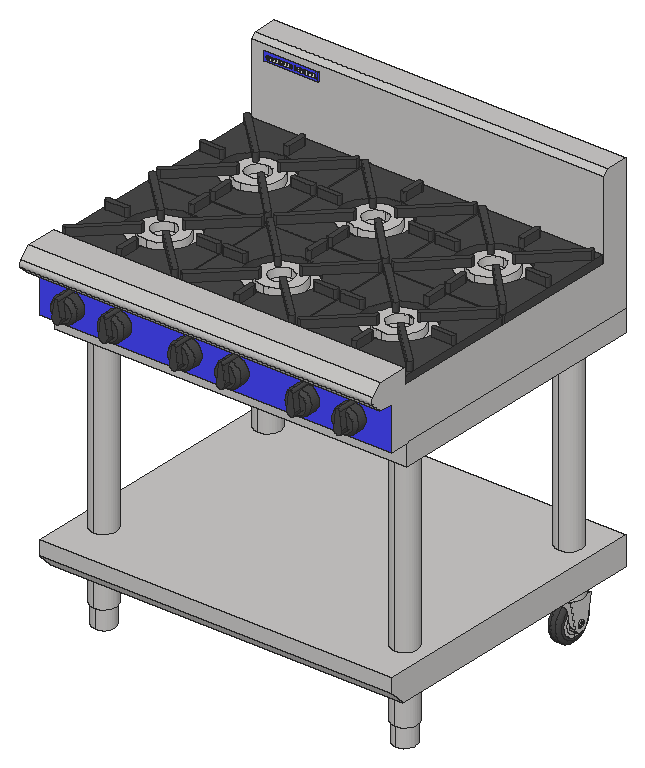
Revit family "QF_MOFFAT_BLUESEAL_CE_G516D-LS", category Specialty Equipment, Revit 2012
Parameters
  Width = 900 mm
  Weight in Pounds = 283  # constant formula
  URL Cutsheet = "www.moffat.com"
  URL = "www.moffat.com"
  Type Mark [instance] = ""
  Status [instance] = ""
  Specification by User [instance] = ""
  Specification by Manufacturer = ""
  Show Logo [instance] = yes
  Show Casters [instance] = yes
  Serial Number = ""
  Seismic Rating = ""
  SMACNA No = ""
  Revision Code [instance] = ""
  Omniclass Number and Title = ""
  NAFEM Spec ID Number = ""
  Model = "G516D-LS"
  Mechanical Remarks = ""
  Mechanical Connection Type = ""
  Masterspec = ""
  Manufacturer = "MOFFAT BLUESEAL"
  Legs [instance] = not(Show Casters)  # no
  Item Number [instance] = ""
  Installed By [instance] = ""
  Identify Quantity as Lot [instance] = yes
  Gas Size = 3/4"
  Gas RI Height = 0 mm
  Gas KW = 42
  Gas Input = 144500.0 Btu/h
  Gas Connection Height = 0 mm
  Furnished By [instance] = ""
  Foodservice Equipment Identifier [instance] = yes
  Description = "900MM GAS COOK TOP ON LEG STAND"
  Depth = 812 mm
  CSI MasterFormat = ""
  CSI Master Format = ""
  Base Height [instance] = 150 mm
Reference planes
  plane 1 "BACK": y = 0
  plane 2: z = 0
  plane 3 "LEFT": x = 0
  plane 4 "RIGHT": x = 900
  plane 5 "FRONT": y = -812
  plane 6 "TOP": z = 970
  plane 7 "Center Y": x = 450
  plane 8 "Center X": y = -406
  plane 9 "Base Height": z = 150
  plane 10: z = 915
  plane 11: x = 770
  plane 12: z = 1085
  plane 13: x = 65.354
  plane 14: y = -625
  plane 15: y = -100
  plane 16: x = 834.646
  plane 17: z = 655
Forms (mm)
  Extrusion 1, solid, material "QF_Finishes_Stainless Steel"
    sketch origin (0, 0, 0) x (0, 1, 0) y (0, 0, 1)
      loop
        line (-749, 850) -> (-749, 740) -> (0, 740) -> (0, 1085) -> (-57.5, 1085) -> (-70, 1072.5) -> (-70, 875) -> (-705, 875) -> (-705, 915) -> (-783.97, 915) -> (-808.485, 890.485)
        arc (-808.485, 890.485) -> (-811.999, 882) -> (-808.485, 873.515) r 12
        line (-808.485, 873.515) -> (-784.97, 850) -> (-749, 850)
      loop
        line (0, 685) -> (0, 739.5) -> (-699, 739.5) -> (-699, 685) -> (0, 685)
      loop
        line (0, 222.5) -> (-749, 222.5) -> (-749, 186) -> (-713, 150) -> (0, 150) -> (0, 222.5)
    from 0 to 900
  Revolve 2, solid, material "QF_Finishes_Black"
    sketch origin (90, 7, 600) x (0, 1, 0) y (0, 0, -1)
      loop
        line (-789, -229.5) -> (-766, -229.5) -> (-766, -202) -> (-756, -202) -> (-756, -197) -> (-800, -197) -> (-800, -223.651) -> (-789, -229.5)
      axis (-800, -197) -> (-756, -197)
    angle from 0 to 360
  Extrusion 3, solid, material "QF_Finishes_Black"
    sketch origin (90, -759, 797) x (0, 0, 1) y (1, 0, 0)
      loop
        arc (32.192, -4.965) -> (37.079, 0.034) -> (32.192, 5.033) r 5
        line (32.192, 5.033) -> (-10.726, 10.453)
        arc (-10.726, 10.453) -> (-22.392, 0.618) -> (-11.893, -10.454) r 10.487
        line (-11.893, -10.454) -> (32.192, -4.965)
    from 0 to -49
  Extrusion 4, solid, material "QF_Finishes_Stainless Steel"
    sketch origin (0, 0, 222.5) x (0, -1, 0) y (1, 0, 0)
      loop
        circle (100, 65) r 31.75
      loop
        circle (625, 65) r 31.75
      loop
        circle (100, 835) r 31.75
      loop
        circle (625, 835) r 31.75
    from 0 to 462.5
  Revolve 5, solid, material "QF_Finishes_Stainless Steel", visible <- "Legs"
    sketch origin (65.5, -166, 0) x (0, 1, 0) y (0, 0, 1)
      loop
        line (34.25, 150) -> (34.25, 50) -> (38.5, 50) -> (38.5, 0) -> (66, 0) -> (66, 150) -> (34.25, 150)
      axis (66, 150) -> (66, 0)
    angle from 0 to 360
  Revolve 6, solid, material "QF_Finishes_Stainless Steel"
    sketch origin (65.5, -735, 0) x (0, 1, 0) y (0, 0, 1)
      loop
        line (78.25, 150) -> (78.25, 50) -> (82.5, 50) -> (82.5, 0) -> (110, 0) -> (110, 150) -> (78.25, 150)
      axis (110, 150) -> (110, 0)
    angle from 0 to 360
  Revolve 7, solid, material "QF_Finishes_Stainless Steel", visible <- "Legs"
    sketch origin (834.646, -166, -0.354) x (0, 1, 0) y (0, 0, -1)
      loop
        line (34.25, -150) -> (66, -150) -> (66, -0.354) -> (38.5, -0.354) -> (38.5, -50) -> (34.25, -50) -> (34.25, -150)
      axis (66, -150) -> (66, -0.354)
    angle from 0 to 360
  Revolve 8, solid, material "QF_Finishes_Stainless Steel"
    sketch origin (834.646, -728, -0.354) x (0, 1, 0) y (0, 0, -1)
      loop
        line (71.25, -150) -> (103, -150) -> (103, -0.354) -> (75.5, -0.354) -> (75.5, -50) -> (71.25, -50) -> (71.25, -150)
      axis (103, -150) -> (103, -0.354)
    angle from 0 to 360
  Revolve 9, solid, material "QF_Finishes_Stainless Steel", visible <- "Show Casters"
    sketch origin (16.276, -100.755, -12.8) x (1, 0, 0) y (0, 0, 1)
      loop
        line (14.841, 63.604) -> (83.584, 63.604) -> (83.584, 67.109) -> (82.314, 68.379) -> (80.79, 68.379) -> (80.79, 71.826) -> (68.644, 71.826) -> (68.644, 81.79) -> (65.088, 83.843) -> (63.738, 92.179) -> (65.881, 92.179) -> (65.881, 98.529) -> (65.088, 98.529) -> (65.088, 104.879)
        arc (65.088, 104.879) -> (62.298, 111.614) -> (55.563, 114.404) r 9.525
        line (55.563, 114.404) -> (42.863, 114.404)
        arc (42.863, 114.404) -> (36.127, 111.614) -> (33.338, 104.879) r 9.525
        line (33.338, 104.879) -> (33.338, 98.529) -> (32.544, 98.529) -> (32.544, 92.179) -> (34.687, 92.179) -> (33.352, 83.932) -> (29.782, 81.871) -> (29.782, 71.826) -> (17.635, 71.826) -> (17.635, 68.379) -> (16.111, 68.379) -> (14.841, 67.109) -> (14.841, 63.604)
      axis (14.841, 63.604) -> (83.584, 63.604)
    angle from 0 to 360
  Extrusion 10, solid, material "QF_Finishes_Stainless Steel", visible <- "Show Casters"
    sketch origin (72.001, 132.353, -8.783) x (0, 1, 0) y (0, 0, 1)
      loop
        line (-200.603, 118.783) -> (-264.103, 118.783) -> (-251.746, 53.895)
        arc (-251.746, 53.895) -> (-232.353, 38.783) -> (-212.959, 53.895) r 20
        line (-212.959, 53.895) -> (-200.603, 118.783)
    from -35.667 to 22.923
  Revolve 11, solid, material "QF_Finishes_Stainless Steel", visible <- "Show Casters"
    sketch origin (65.5, -204, 0) x (0, 1, 0) y (0, 0, 1)
      loop
        line (68.25, 150) -> (68.25, 110) -> (104, 110) -> (104, 150) -> (68.25, 150)
      axis (104, 150) -> (104, 110)
    angle from 0 to 360
  Revolve 12, solid, material "QF_Finishes_Stainless Steel", visible <- "Legs"
    sketch origin (65.5, -166, 0) x (0, 1, 0) y (0, 0, 1)
      loop
        line (34.25, 150) -> (34.25, 50) -> (38.5, 50) -> (38.5, 0) -> (66, 0) -> (66, 150) -> (34.25, 150)
      axis (66, 150) -> (66, 0)
    angle from 0 to 360
  Revolve 13, solid, material "QF_Finishes_Stainless Steel", visible <- "Show Casters"
    sketch origin (485.423, -100.755, -12.798) x (1, 0, 0) y (0, 0, 1)
      loop
        line (314.841, 63.604) -> (383.584, 63.604) -> (383.584, 67.109) -> (382.314, 68.379) -> (380.79, 68.379) -> (380.79, 71.826) -> (368.644, 71.826) -> (368.644, 81.79) -> (365.088, 83.843) -> (363.738, 92.179) -> (365.881, 92.179) -> (365.881, 98.529) -> (365.088, 98.529) -> (365.088, 104.879)
        arc (365.088, 104.879) -> (362.298, 111.614) -> (355.563, 114.404) r 9.525
        line (355.563, 114.404) -> (342.863, 114.404)
        arc (342.863, 114.404) -> (336.127, 111.614) -> (333.338, 104.879) r 9.525
        line (333.338, 104.879) -> (333.338, 98.529) -> (332.544, 98.529) -> (332.544, 92.179) -> (334.687, 92.179) -> (333.352, 83.932) -> (329.782, 81.871) -> (329.782, 71.826) -> (317.635, 71.826) -> (317.635, 68.379) -> (316.111, 68.379) -> (314.841, 67.109) -> (314.841, 63.604)
      axis (314.841, 63.604) -> (383.584, 63.604)
    angle from 0 to 360
  Extrusion 14, solid, material "QF_Finishes_Stainless Steel", visible <- "Show Casters"
    sketch origin (841.147, 132.353, -9.137) x (0, 1, 0) y (0, 0, 1)
      loop
        line (-200.603, 118.783) -> (-264.103, 118.783) -> (-251.746, 53.895)
        arc (-251.746, 53.895) -> (-232.353, 38.783) -> (-212.959, 53.895) r 20
        line (-212.959, 53.895) -> (-200.603, 118.783)
    from -35.667 to 22.923
  Revolve 15, solid, material "QF_Finishes_Stainless Steel", visible <- "Show Casters"
    sketch origin (834.646, -204, -0.354) x (0, 1, 0) y (0, 0, 1)
      loop
        line (68.25, 150) -> (68.25, 110) -> (104, 110) -> (104, 150) -> (68.25, 150)
      axis (104, 150) -> (104, 110)
    angle from 0 to 360
  Extrusion 16, solid, material "QF_Finishes_Stainless Steel"
    sketch origin (0, 0, 685) x (-1, 0, 0) y (0, 1, 0)
      loop
        circle (-770, -32) r 6.35
    from 0 to 30
  Revolve 17, solid, material "QF_Finishes_Black"
    sketch origin (390, 7, 600) x (0, 1, 0) y (0, 0, -1)
      loop
        line (-789, -229.5) -> (-766, -229.5) -> (-766, -202) -> (-756, -202) -> (-756, -197) -> (-800, -197) -> (-800, -223.651) -> (-789, -229.5)
      axis (-800, -197) -> (-756, -197)
    angle from 0 to 360
  Extrusion 18, solid, material "QF_Finishes_Black"
    sketch origin (390, -759, 797) x (0, 0, 1) y (1, 0, 0)
      loop
        arc (32.192, -4.965) -> (37.079, 0.034) -> (32.192, 5.033) r 5
        line (32.192, 5.033) -> (-10.726, 10.453)
        arc (-10.726, 10.453) -> (-22.392, 0.618) -> (-11.893, -10.454) r 10.487
        line (-11.893, -10.454) -> (32.192, -4.965)
    from 0 to -49
  Revolve 19, solid, material "QF_Finishes_Black"
    sketch origin (690, 7, 600) x (0, 1, 0) y (0, 0, -1)
      loop
        line (-789, -229.5) -> (-766, -229.5) -> (-766, -202) -> (-756, -202) -> (-756, -197) -> (-800, -197) -> (-800, -223.651) -> (-789, -229.5)
      axis (-800, -197) -> (-756, -197)
    angle from 0 to 360
  Extrusion 20, solid, material "QF_Finishes_Black"
    sketch origin (690, -759, 797) x (0, 0, 1) y (1, 0, 0)
      loop
        arc (32.192, -4.965) -> (37.079, 0.034) -> (32.192, 5.033) r 5
        line (32.192, 5.033) -> (-10.726, 10.453)
        arc (-10.726, 10.453) -> (-22.392, 0.618) -> (-11.893, -10.454) r 10.487
        line (-11.893, -10.454) -> (32.192, -4.965)
    from 0 to -49
  Revolve 21, solid, material "QF_Finishes_Black"
    sketch origin (210, 7, 600) x (0, 1, 0) y (0, 0, -1)
      loop
        line (-789, -229.5) -> (-766, -229.5) -> (-766, -202) -> (-756, -202) -> (-756, -197) -> (-800, -197) -> (-800, -223.651) -> (-789, -229.5)
      axis (-800, -197) -> (-756, -197)
    angle from 0 to 360
  Extrusion 22, solid, material "QF_Finishes_Black"
    sketch origin (210, -759, 797) x (0, 0, 1) y (1, 0, 0)
      loop
        arc (32.192, -4.965) -> (37.079, 0.034) -> (32.192, 5.033) r 5
        line (32.192, 5.033) -> (-10.726, 10.453)
        arc (-10.726, 10.453) -> (-22.392, 0.618) -> (-11.893, -10.454) r 10.487
        line (-11.893, -10.454) -> (32.192, -4.965)
    from 0 to -49
  Revolve 23, solid, material "QF_Finishes_Black"
    sketch origin (510, 7, 600) x (0, 1, 0) y (0, 0, -1)
      loop
        line (-789, -229.5) -> (-766, -229.5) -> (-766, -202) -> (-756, -202) -> (-756, -197) -> (-800, -197) -> (-800, -223.651) -> (-789, -229.5)
      axis (-800, -197) -> (-756, -197)
    angle from 0 to 360
  Extrusion 24, solid, material "QF_Finishes_Black"
    sketch origin (510, -759, 797) x (0, 0, 1) y (1, 0, 0)
      loop
        arc (32.192, -4.965) -> (37.079, 0.034) -> (32.192, 5.033) r 5
        line (32.192, 5.033) -> (-10.726, 10.453)
        arc (-10.726, 10.453) -> (-22.392, 0.618) -> (-11.893, -10.454) r 10.487
        line (-11.893, -10.454) -> (32.192, -4.965)
    from 0 to -49
  Revolve 25, solid, material "QF_Finishes_Black"
    sketch origin (810, 7, 600) x (0, 1, 0) y (0, 0, -1)
      loop
        line (-789, -229.5) -> (-766, -229.5) -> (-766, -202) -> (-756, -202) -> (-756, -197) -> (-800, -197) -> (-800, -223.651) -> (-789, -229.5)
      axis (-800, -197) -> (-756, -197)
    angle from 0 to 360
  Extrusion 26, solid, material "QF_Finishes_Black"
    sketch origin (810, -759, 797) x (0, 0, 1) y (1, 0, 0)
      loop
        arc (32.192, -4.965) -> (37.079, 0.034) -> (32.192, 5.033) r 5
        line (32.192, 5.033) -> (-10.726, 10.453)
        arc (-10.726, 10.453) -> (-22.392, 0.618) -> (-11.893, -10.454) r 10.487
        line (-11.893, -10.454) -> (32.192, -4.965)
    from 0 to -49
Lines and regions (mm)
  Split face 1
    outline origin (0, -56.5, 1085) x (0, 1, 0) y (-1, 0, 0)
      loop
        line (11.115, -338.041) -> (11.115, -566)
        arc (11.115, -566) -> (16.115, -574.66) -> (26.115, -574.66) r 10
        line (26.115, -574.66) -> (33.115, -570.619)
        arc (33.115, -570.619) -> (36.775, -566.959) -> (38.115, -561.959) r 10
        line (38.115, -561.959) -> (38.115, -334)
        arc (38.115, -334) -> (33.115, -325.34) -> (23.115, -325.34) r 10
        line (23.115, -325.34) -> (16.115, -329.381)
        arc (16.115, -329.381) -> (12.455, -333.041) -> (11.115, -338.041) r 10
  Split face 2
    outline origin (0, -56.5, 1085) x (0, 1, 0) y (-1, 0, 0)
      loop
        line (38.115, -851.959) -> (38.115, -624)
        arc (38.115, -624) -> (33.115, -615.34) -> (23.115, -615.34) r 10
        line (23.115, -615.34) -> (16.115, -619.381)
        arc (16.115, -619.381) -> (12.455, -623.041) -> (11.115, -628.041) r 10
        line (11.115, -628.041) -> (11.115, -856)
        arc (11.115, -856) -> (16.115, -864.66) -> (26.115, -864.66) r 10
        line (26.115, -864.66) -> (33.115, -860.619)
        arc (33.115, -860.619) -> (36.775, -856.959) -> (38.115, -851.959) r 10
  Split face 3
    outline origin (0, -56.5, 1085) x (0, 1, 0) y (-1, 0, 0)
      loop
        line (11.115, -48.041) -> (11.115, -276)
        arc (11.115, -276) -> (16.115, -284.66) -> (26.115, -284.66) r 10
        line (26.115, -284.66) -> (33.115, -280.619)
        arc (33.115, -280.619) -> (36.775, -276.959) -> (38.115, -271.959) r 10
        line (38.115, -271.959) -> (38.115, -44)
        arc (38.115, -44) -> (33.115, -35.34) -> (23.115, -35.34) r 10
        line (23.115, -35.34) -> (16.115, -39.381)
        arc (16.115, -39.381) -> (12.455, -43.041) -> (11.115, -48.041) r 10
  symbolic lines, style "SpecialityEquipmentHiddenLines", visible <- "Show Casters"
    curve 1: line (78.456, -46.735, 0) -> (105.952, -62.61, 0)
    curve 2: line (27.656, -134.723, 0) -> (78.456, -46.735, 0)
    curve 3: line (55.152, -150.598, 0) -> (27.656, -134.723, 0)
    curve 4: line (105.952, -62.61, 0) -> (55.152, -150.598, 0)
    curve 5: line (848.456, -46.735, 0) -> (875.952, -62.61, 0)
    curve 6: line (797.656, -134.723, 0) -> (848.456, -46.735, 0)
    curve 7: line (825.152, -150.598, 0) -> (797.656, -134.723, 0)
    curve 8: line (875.952, -62.61, 0) -> (825.152, -150.598, 0)
  symbolic lines
    curve 9: line (0, -783.97, 0) -> (900, -783.97, 0)
    curve 10: line (0, 0, 0) -> (0, -811.999, 0)
    curve 11: line (900, -811.999, 0) -> (900, 0, 0)
    curve 12: line (900, -811.999, 0) -> (0, -811.999, 0)
    curve 13: line (0, -70, 0) -> (900, -70, 0)
    curve 14: line (0, -57.5, 0) -> (900, -57.5, 0)
    curve 15: line (900, 0, 0) -> (0, 0, 0)
    curve 16: line (561.959, -18.385, 0) -> (334, -18.385, 0)
    curve 17: arc (334, -18.385, 0) -> (325.34, -23.385, 0) -> (325.34, -33.385, 0) r 10
    curve 18: line (325.34, -33.385, 0) -> (329.381, -40.385, 0)
    curve 19: arc (329.381, -40.385, 0) -> (333.041, -44.045, 0) -> (338.041, -45.385, 0) r 10
    curve 20: line (338.041, -45.385, 0) -> (566, -45.385, 0)
    curve 21: arc (566, -45.385, 0) -> (574.66, -40.385, 0) -> (574.66, -30.385, 0) r 10
    curve 22: line (574.66, -30.385, 0) -> (570.619, -23.385, 0)
    curve 23: arc (570.619, -23.385, 0) -> (566.959, -19.725, 0) -> (561.959, -18.385, 0) r 10
    curve 24: line (851.959, -18.385, 0) -> (624, -18.385, 0)
    curve 25: arc (624, -18.385, 0) -> (615.34, -23.385, 0) -> (615.34, -33.385, 0) r 10
    curve 26: line (615.34, -33.385, 0) -> (619.381, -40.385, 0)
    curve 27: arc (619.381, -40.385, 0) -> (623.041, -44.045, 0) -> (628.041, -45.385, 0) r 10
    curve 28: line (628.041, -45.385, 0) -> (856, -45.385, 0)
    curve 29: arc (856, -45.385, 0) -> (864.66, -40.385, 0) -> (864.66, -30.385, 0) r 10
    curve 30: line (864.66, -30.385, 0) -> (860.619, -23.385, 0)
    curve 31: arc (860.619, -23.385, 0) -> (856.959, -19.725, 0) -> (851.959, -18.385, 0) r 10
    curve 32: line (271.959, -18.385, 0) -> (44, -18.385, 0)
    curve 33: arc (44, -18.385, 0) -> (35.34, -23.385, 0) -> (35.34, -33.385, 0) r 10
    curve 34: line (35.34, -33.385, 0) -> (39.381, -40.385, 0)
    curve 35: arc (39.381, -40.385, 0) -> (43.041, -44.045, 0) -> (48.041, -45.385, 0) r 10
    curve 36: line (48.041, -45.385, 0) -> (276, -45.385, 0)
    curve 37: arc (276, -45.385, 0) -> (284.66, -40.385, 0) -> (284.66, -30.385, 0) r 10
    curve 38: line (284.66, -30.385, 0) -> (280.619, -23.385, 0)
    curve 39: arc (280.619, -23.385, 0) -> (276.959, -19.725, 0) -> (271.959, -18.385, 0) r 10
    curve 40: line (0, -705, 0) -> (900, -705, 0)
Dimensions and locks
  equal spacing: plane 3 "LEFT", plane 7 "Center Y", plane 4 "RIGHT"
  "Width": plane 3 "LEFT" to plane 4 "RIGHT"
  equal spacing: plane 5 "FRONT", plane 8 "Center X", plane 1 "BACK"
  "Depth": plane 5 "FRONT" to plane 1 "BACK"
  equal spacing: plane 4 "RIGHT", plane 7 "Center Y", plane 3 "LEFT"
  plane 4 "RIGHT" to plane 3 "LEFT" = 900 mm
  plane 5 "FRONT" to plane 1 "BACK" = 812 mm
  "Base Height": plane 9 "Base Height" to level
  plane 6 "TOP" to level = 970 mm
  plane 10 to level = 915 mm
  plane 11 to plane 4 "RIGHT" = 130 mm
  plane 12 to plane 2 = 1085 mm
  Revolve 9 sketch curve to Revolve 9 sketch curve = 50.8 mm
  Revolve 13 sketch curve to Revolve 13 sketch curve = 50.8 mm
  plane 15 to plane 14 = 525 mm
  plane 17 to plane 2 = 655 mm
  Extrusion 16 sketch curve to plane 1 "BACK" = 32 mm
  aligned and locked: level to plane 2
Automatic sketch dimensions
  plane 1 "BACK" to curve 15 = 0 mm
  curve 15 to plane 3 "LEFT" = 0 mm
  curve 11 to plane 4 "RIGHT" = 0 mm
  plane 3 "LEFT" to curve 2 = 27.656 mm
  plane 13 to curve 34 = 30.014 mm
  curve 34 to curve 34 = 4.041 mm
  curve 33 to curve 33 = 8.66 mm
  curve 34 to curve 35 = 8.66 mm
  plane 13 to curve 3 = 10.202 mm
  curve 1 to plane 13 = 13.102 mm
  plane 1 "BACK" to curve 39 = 18.385 mm
  curve 1 to curve 39 = 166.007 mm
  curve 39 to curve 37 = 4.041 mm
  curve 32 to curve 39 = 8.66 mm
  plane 1 "BACK" to curve 38 = 30.385 mm
  curve 38 to curve 38 = 4.041 mm
  plane 1 "BACK" to curve 18 = 33.385 mm
  curve 38 to curve 18 = 40.679 mm
  curve 17 to curve 19 = 4.041 mm  (x2)
  curve 17 to curve 16 = 8.66 mm
  plane 1 "BACK" to curve 23 = 28.385 mm
  plane 7 "Center Y" to curve 23 = 111.959 mm
  curve 23 to curve 20 = 4.041 mm
  curve 16 to curve 23 = 8.66 mm
  curve 23 to curve 21 = 4.041 mm
  plane 1 "BACK" to curve 26 = 33.385 mm
  curve 22 to curve 26 = 40.679 mm
  curve 26 to curve 27 = 4.041 mm
  curve 25 to curve 24 = 8.66 mm
  curve 26 to curve 27 = 8.66 mm
  plane 11 to curve 6 = 27.656 mm
  curve 8 to plane 16 = 9.494 mm
  plane 16 to curve 6 = 13.809 mm
  plane 16 to curve 24 = 17.312 mm
  curve 5 to curve 28 = 7.544 mm
  curve 31 to curve 31 = 8.66 mm
  curve 31 to curve 29 = 4.041 mm
  curve 33 to curve 32 = 15 mm
  curve 27 to curve 25 = 2 mm
  curve 37 to curve 37 = 5 mm
  curve 35 to curve 33 = 7 mm
  plane 1 "BACK" to curve 29 = 35.385 mm
  curve 21 to curve 23 = 7 mm
  curve 19 to curve 17 = 2 mm
  curve 27 to curve 26 = 7 mm
  curve 18 to curve 17 = 7 mm
  curve 1 to curve 36 = 1.35 mm
  curve 6 to curve 28 = 1.35 mm
  curve 14 to plane 15 = 42.5 mm
  curve 5 to curve 14 = 5.11 mm
  curve 4 to curve 1 = 15.875 mm
  curve 13 to curve 14 = 12.5 mm
  plane 14 to curve 40 = 80 mm
  curve 9 to plane 5 "FRONT" = 28.03 mm
  curve 12 to plane 5 "FRONT" = 0.001 mm
  curve 27 to curve 25 = 7 mm
  curve 19 to curve 17 = 7 mm
  curve 29 to curve 31 = 7 mm
  curve 37 to curve 39 = 7 mm
  plane 10 to Extrusion 1 sketch curve = 0 mm
  Extrusion 1 sketch curve to plane 9 "Base Height" = 0 mm
  plane 12 to Extrusion 1 sketch curve = 0 mm
  Extrusion 1 sketch curve to plane 1 "BACK" = 0 mm  (x3)
  Extrusion 1 sketch curve to plane 15 = 42.5 mm
  plane 12 to Extrusion 1 sketch curve = 12.5 mm
  Extrusion 1 sketch curve to Extrusion 1 sketch curve = 12.5 mm
  plane 17 to Extrusion 1 sketch curve = 30 mm
  plane 14 to Extrusion 1 sketch curve = 74 mm
  plane 14 to Extrusion 1 sketch curve = 80 mm
  plane 14 to Extrusion 1 sketch curve = 88 mm
  Extrusion 1 sketch curve to Extrusion 1 sketch curve = 44 mm
  Extrusion 1 sketch curve to Extrusion 1 sketch curve = 36 mm
  Extrusion 1 sketch curve to plane 5 "FRONT" = 28.03 mm
  Extrusion 1 sketch curve to plane 5 "FRONT" = 27.03 mm
  Extrusion 1 sketch curve to plane 5 "FRONT" = 12.001 mm
  Extrusion 1 sketch curve to plane 5 "FRONT" = 3.515 mm  (x2)
  plane 9 "Base Height" to Extrusion 1 sketch curve = 36 mm
  plane 9 "Base Height" to Extrusion 1 sketch curve = 72.5 mm
  Extrusion 1 sketch curve to Extrusion 1 sketch curve = 54.5 mm
  Extrusion 1 sketch curve to Extrusion 1 sketch curve = 0.5 mm
  plane 10 to Extrusion 1 sketch curve = 65 mm
  Extrusion 1 sketch curve to Extrusion 1 sketch curve = 23.515 mm
  plane 10 to Extrusion 1 sketch curve = 40 mm
  Extrusion 1 sketch curve to Extrusion 1 sketch curve = 8.485 mm
  Revolve 2 sketch curve to plane 5 "FRONT" = 19 mm
  Revolve 2 sketch curve to Revolve 2 sketch curve = 0 mm  (x2)
  Revolve 2 sketch curve to Revolve 2 sketch curve = 11 mm
  Revolve 2 sketch curve to Revolve 2 sketch curve = 12.7 mm
  Revolve 2 sketch curve to Revolve 2 sketch curve = 23 mm
  Revolve 2 sketch curve to Revolve 2 sketch curve = 10 mm
  plane 10 to Revolve 2 sketch curve = 85.5 mm
  Revolve 2 sketch curve to Revolve 2 sketch curve = 5.849 mm
  Revolve 2 sketch curve to Revolve 2 sketch curve = 27.5 mm
  Revolve 2 sketch curve to Revolve 2 sketch curve = 5 mm
  Extrusion 3 sketch curve to Revolve 2 = 0.034 mm  (x2)
  Revolve 2 to Extrusion 3 sketch curve = 10.454 mm
  Extrusion 3 sketch curve to Extrusion 3 sketch curve = 0.028 mm
  Extrusion 3 sketch curve to Revolve 2 = 10.453 mm
  Extrusion 3 sketch curve to Extrusion 3 sketch curve = 44 mm
  Extrusion 3 sketch curve to Revolve 2 = 5.033 mm
  Extrusion 3 sketch curve to Extrusion 3 sketch curve = 0.113 mm
  Revolve 2 to Extrusion 3 sketch curve = 4.965 mm
  Extrusion 4 sketch curve to Extrusion 4 sketch curve = 0 mm  (x8)
  Extrusion 1 to Extrusion 4 sketch curve = 68.25 mm  (x2)
  Extrusion 4 sketch curve to Extrusion 4 sketch curve = 31.75 mm  (x4)
  Extrusion 4 sketch curve to Extrusion 1 = 155.75 mm  (x2)
  Extrusion 1 to Extrusion 4 sketch curve = 65 mm  (x4)
  Revolve 5 sketch curve to plane 9 "Base Height" = 0 mm
  Revolve 5 sketch curve to level = 0 mm
  Revolve 5 sketch curve to plane 15 = 0 mm  (x2)
  plane 15 to Revolve 5 sketch curve = 27.5 mm
  plane 15 to Revolve 5 sketch curve = 31.75 mm
  Revolve 5 sketch curve to Revolve 5 sketch curve = 55 mm
  level to Revolve 5 sketch curve = 50 mm
  Revolve 5 sketch curve to Revolve 5 sketch curve = 0 mm
  Revolve 6 sketch curve to plane 9 "Base Height" = 0 mm
  Revolve 6 sketch curve to level = 0 mm
  Revolve 6 sketch curve to plane 14 = 0 mm  (x2)
  Revolve 6 sketch curve to Revolve 6 sketch curve = 27.5 mm
  Revolve 6 sketch curve to Revolve 6 sketch curve = 31.75 mm
  Revolve 6 sketch curve to Revolve 6 sketch curve = 55 mm
  level to Revolve 6 sketch curve = 50 mm
  Revolve 6 sketch curve to Revolve 6 sketch curve = 0 mm
  Revolve 7 sketch curve to level = 0 mm
  Revolve 7 sketch curve to plane 15 = 0 mm  (x2)
  plane 15 to Revolve 7 sketch curve = 27.5 mm
  Revolve 7 sketch curve to plane 9 "Base Height" = 0.354 mm
  plane 15 to Revolve 7 sketch curve = 31.75 mm
  level to Revolve 7 sketch curve = 49.646 mm
  Revolve 7 sketch curve to Revolve 7 sketch curve = 0 mm
  Revolve 7 sketch curve to level = 55.354 mm
  Revolve 8 sketch curve to level = 0 mm
  Revolve 8 sketch curve to plane 14 = 0 mm  (x2)
  Revolve 8 sketch curve to Revolve 8 sketch curve = 27.5 mm
  Revolve 8 sketch curve to plane 9 "Base Height" = 0.354 mm
  plane 14 to Revolve 8 sketch curve = 31.75 mm
  level to Revolve 8 sketch curve = 49.646 mm
  Revolve 8 sketch curve to Revolve 8 sketch curve = 0 mm
  Revolve 8 sketch curve to Revolve 8 sketch curve = 55.354 mm
  plane 3 "LEFT" to Revolve 9 sketch curve = 31.118 mm
  Revolve 9 sketch curve to Revolve 9 sketch curve = 1.27 mm  (x4)
  Revolve 9 sketch curve to Revolve 9 sketch curve = 1.524 mm  (x2)
  Revolve 9 sketch curve to Revolve 9 sketch curve = 12.146 mm  (x2)
  plane 13 to Revolve 9 sketch curve = 16.533 mm
  Revolve 9 sketch curve to Revolve 9 sketch curve = 0.794 mm  (x2)
  Revolve 9 sketch curve to Revolve 9 sketch curve = 3.57 mm
  Revolve 9 sketch curve to Revolve 9 sketch curve = 2.143 mm
  plane 13 to Revolve 9 sketch curve = 6.215 mm
  Revolve 9 sketch curve to plane 13 = 5.276 mm
  Revolve 9 sketch curve to plane 13 = 6.485 mm
  Revolve 9 sketch curve to plane 13 = 14.661 mm
  Revolve 9 sketch curve to Revolve 9 sketch curve = 1.349 mm  (x2)
  Revolve 9 sketch curve to Revolve 9 sketch curve = 3.556 mm
  Revolve 9 sketch curve to Revolve 9 sketch curve = 33.32 mm
  level to Revolve 9 sketch curve = 50.804 mm
  Revolve 9 sketch curve to Revolve 9 sketch curve = 0 mm
  Revolve 9 sketch curve to Revolve 9 sketch curve = 3.505 mm  (x2)
  Revolve 9 sketch curve to Revolve 9 sketch curve = 3.447 mm  (x2)
  Revolve 9 sketch curve to Revolve 9 sketch curve = 9.964 mm
  Revolve 9 sketch curve to Revolve 9 sketch curve = 10.045 mm
  Revolve 9 sketch curve to Revolve 9 sketch curve = 2.053 mm
  Revolve 9 sketch curve to Revolve 9 sketch curve = 2.061 mm
  Revolve 9 sketch curve to Revolve 9 sketch curve = 8.247 mm
  Revolve 9 sketch curve to Revolve 9 sketch curve = 8.336 mm
  Revolve 9 sketch curve to Revolve 9 sketch curve = 6.35 mm  (x2)
  Extrusion 10 sketch curve to plane 15 = 0 mm
  plane 15 to Extrusion 10 sketch curve = 19.393 mm
  plane 15 to Extrusion 10 sketch curve = 31.75 mm
  Extrusion 10 sketch curve to plane 15 = 19.393 mm
  Extrusion 10 sketch curve to plane 15 = 31.75 mm
  level to Extrusion 10 sketch curve = 45.111 mm
  Extrusion 10 sketch curve to Extrusion 10 sketch curve = 4.889 mm
  Extrusion 10 sketch curve to plane 9 "Base Height" = 40 mm
  Revolve 11 sketch curve to plane 9 "Base Height" = 0 mm
  Revolve 11 sketch curve to plane 15 = 0 mm  (x2)
  plane 15 to Revolve 11 sketch curve = 35.75 mm
  Revolve 11 sketch curve to Revolve 11 sketch curve = 40 mm
  level to Revolve 11 sketch curve = 50 mm
  Revolve 11 sketch curve to level = 55 mm
  Revolve 12 sketch curve to plane 9 "Base Height" = 0 mm
  Revolve 12 sketch curve to level = 0 mm
  Revolve 12 sketch curve to plane 15 = 0 mm  (x2)
  plane 15 to Revolve 12 sketch curve = 27.5 mm
  plane 15 to Revolve 12 sketch curve = 31.75 mm
  Revolve 12 sketch curve to Revolve 12 sketch curve = 55 mm
  level to Revolve 12 sketch curve = 50 mm
  Revolve 12 sketch curve to Revolve 12 sketch curve = 0 mm
  plane 11 to Revolve 13 sketch curve = 30.264 mm
  Revolve 13 sketch curve to Revolve 13 sketch curve = 1.27 mm  (x4)
  Revolve 13 sketch curve to Revolve 13 sketch curve = 1.524 mm  (x2)
  Revolve 13 sketch curve to Revolve 13 sketch curve = 12.146 mm  (x2)
  Revolve 13 sketch curve to plane 16 = 16.68 mm
  Revolve 13 sketch curve to Revolve 13 sketch curve = 0.794 mm  (x2)
  Revolve 13 sketch curve to Revolve 13 sketch curve = 3.57 mm
  Revolve 13 sketch curve to Revolve 13 sketch curve = 2.143 mm
  Revolve 13 sketch curve to plane 16 = 6.361 mm
  plane 16 to Revolve 13 sketch curve = 5.13 mm
  plane 16 to Revolve 13 sketch curve = 6.339 mm
  plane 16 to Revolve 13 sketch curve = 14.515 mm
  Revolve 13 sketch curve to Revolve 13 sketch curve = 1.349 mm  (x2)
  Revolve 13 sketch curve to Revolve 13 sketch curve = 3.556 mm
  Revolve 13 sketch curve to plane 4 "RIGHT" = 2.327 mm
  level to Revolve 13 sketch curve = 50.806 mm
  Revolve 13 sketch curve to Revolve 13 sketch curve = 0 mm
  Revolve 13 sketch curve to Revolve 13 sketch curve = 3.505 mm  (x2)
  Revolve 13 sketch curve to Revolve 13 sketch curve = 3.447 mm  (x2)
  Revolve 13 sketch curve to Revolve 13 sketch curve = 9.964 mm
  Revolve 13 sketch curve to Revolve 13 sketch curve = 10.045 mm
  Revolve 13 sketch curve to Revolve 13 sketch curve = 2.053 mm
  Revolve 13 sketch curve to Revolve 13 sketch curve = 2.061 mm
  Revolve 13 sketch curve to Revolve 13 sketch curve = 8.247 mm
  Revolve 13 sketch curve to Revolve 13 sketch curve = 8.336 mm
  Revolve 13 sketch curve to Revolve 13 sketch curve = 6.35 mm  (x2)
  Extrusion 14 sketch curve to plane 15 = 0 mm
  plane 15 to Extrusion 14 sketch curve = 19.393 mm
  plane 15 to Extrusion 14 sketch curve = 31.75 mm
  Extrusion 14 sketch curve to plane 15 = 19.393 mm
  Extrusion 14 sketch curve to plane 15 = 31.75 mm
  level to Extrusion 14 sketch curve = 44.758 mm
  Extrusion 14 sketch curve to Extrusion 14 sketch curve = 4.889 mm
  Extrusion 14 sketch curve to plane 9 "Base Height" = 40.354 mm
  Revolve 15 sketch curve to plane 15 = 0 mm  (x2)
  Revolve 15 sketch curve to plane 9 "Base Height" = 0.354 mm
  plane 15 to Revolve 15 sketch curve = 35.75 mm
  Revolve 15 sketch curve to Revolve 15 sketch curve = 40 mm
  level to Revolve 15 sketch curve = 49.646 mm
  Revolve 15 sketch curve to level = 55.354 mm
  Extrusion 16 sketch curve to Extrusion 16 sketch curve = 0 mm
  Extrusion 16 sketch curve to Extrusion 1 = 38.35 mm
  Extrusion 16 sketch curve to Extrusion 1 = 130 mm
  Split face 1 sketch curve to Extrusion 1 = 12.115 mm
  Split face 1 sketch curve to Split face 1 sketch curve = 5 mm  (x2)
  Split face 1 sketch curve to Split face 1 sketch curve = 10 mm  (x3)
  Split face 1 sketch curve to Split face 1 sketch curve = 7 mm  (x4)
  Split face 1 sketch curve to Extrusion 1 = 325.34 mm
  Split face 1 sketch curve to Split face 1 sketch curve = 4.041 mm  (x2)
  Split face 1 sketch curve to Split face 1 sketch curve = 223.917 mm
  Split face 2 sketch curve to Extrusion 1 = 12.115 mm
  Split face 2 sketch curve to Split face 2 sketch curve = 5 mm  (x2)
  Split face 2 sketch curve to Split face 2 sketch curve = 10 mm  (x3)
  Split face 2 sketch curve to Split face 2 sketch curve = 7 mm  (x4)
  Split face 2 sketch curve to Extrusion 1 = 35.34 mm
  Split face 2 sketch curve to Split face 2 sketch curve = 4.041 mm  (x2)
  Split face 2 sketch curve to Split face 2 sketch curve = 223.917 mm
  Split face 3 sketch curve to Extrusion 1 = 12.115 mm
  Split face 3 sketch curve to Split face 3 sketch curve = 5 mm  (x3)
  Split face 3 sketch curve to Split face 3 sketch curve = 10 mm  (x2)
  Split face 3 sketch curve to Split face 3 sketch curve = 7 mm  (x4)
  Split face 3 sketch curve to Extrusion 1 = 284.66 mm
  Split face 3 sketch curve to Split face 3 sketch curve = 4.041 mm  (x2)
  Split face 3 sketch curve to Extrusion 1 = 48.041 mm
  Revolve 17 sketch curve to plane 5 "FRONT" = 19 mm
  Revolve 17 sketch curve to Revolve 17 sketch curve = 0 mm  (x2)
  Revolve 17 sketch curve to Revolve 17 sketch curve = 11 mm
  Revolve 17 sketch curve to Revolve 17 sketch curve = 12.7 mm
  Revolve 17 sketch curve to Revolve 17 sketch curve = 23 mm
  Revolve 17 sketch curve to Revolve 17 sketch curve = 10 mm
  plane 10 to Revolve 17 sketch curve = 85.5 mm
  Revolve 17 sketch curve to Revolve 17 sketch curve = 5.849 mm
  Revolve 17 sketch curve to Revolve 17 sketch curve = 27.5 mm
  Revolve 17 sketch curve to Revolve 17 sketch curve = 5 mm
  Extrusion 18 sketch curve to Revolve 17 = 0.034 mm  (x2)
  Revolve 17 to Extrusion 18 sketch curve = 10.454 mm
  Extrusion 18 sketch curve to Extrusion 18 sketch curve = 0.028 mm
  Extrusion 18 sketch curve to Revolve 17 = 10.453 mm
  Extrusion 18 sketch curve to Extrusion 18 sketch curve = 44 mm
  Extrusion 18 sketch curve to Revolve 17 = 5.033 mm
  Extrusion 18 sketch curve to Extrusion 18 sketch curve = 0.113 mm
  Revolve 17 to Extrusion 18 sketch curve = 4.965 mm
  Revolve 19 sketch curve to plane 5 "FRONT" = 19 mm
  Revolve 19 sketch curve to Revolve 19 sketch curve = 0 mm  (x2)
  Revolve 19 sketch curve to Revolve 19 sketch curve = 11 mm
  Revolve 19 sketch curve to Revolve 19 sketch curve = 12.7 mm
  Revolve 19 sketch curve to Revolve 19 sketch curve = 23 mm
  Revolve 19 sketch curve to Revolve 19 sketch curve = 10 mm
  plane 10 to Revolve 19 sketch curve = 85.5 mm
  Revolve 19 sketch curve to Revolve 19 sketch curve = 5.849 mm
  Revolve 19 sketch curve to Revolve 19 sketch curve = 27.5 mm
  Revolve 19 sketch curve to Revolve 19 sketch curve = 5 mm
  Extrusion 20 sketch curve to Revolve 19 = 0.034 mm  (x2)
  Revolve 19 to Extrusion 20 sketch curve = 10.454 mm
  Extrusion 20 sketch curve to Extrusion 20 sketch curve = 0.028 mm
  Extrusion 20 sketch curve to Revolve 19 = 10.453 mm
  Extrusion 20 sketch curve to Extrusion 20 sketch curve = 44 mm
  Extrusion 20 sketch curve to Revolve 19 = 5.033 mm
  Extrusion 20 sketch curve to Extrusion 20 sketch curve = 0.113 mm
  Revolve 19 to Extrusion 20 sketch curve = 4.965 mm
  Revolve 21 sketch curve to plane 5 "FRONT" = 19 mm
  Revolve 21 sketch curve to Revolve 21 sketch curve = 0 mm  (x2)
  Revolve 21 sketch curve to Revolve 21 sketch curve = 11 mm
  Revolve 21 sketch curve to Revolve 21 sketch curve = 12.7 mm
  Revolve 21 sketch curve to Revolve 21 sketch curve = 23 mm
  Revolve 21 sketch curve to Revolve 21 sketch curve = 10 mm
  plane 10 to Revolve 21 sketch curve = 85.5 mm
  Revolve 21 sketch curve to Revolve 21 sketch curve = 5.849 mm
  Revolve 21 sketch curve to Revolve 21 sketch curve = 27.5 mm
  Revolve 21 sketch curve to Revolve 21 sketch curve = 5 mm
  Extrusion 22 sketch curve to Revolve 21 = 0.034 mm  (x2)
  Revolve 21 to Extrusion 22 sketch curve = 10.454 mm
  Extrusion 22 sketch curve to Extrusion 22 sketch curve = 0.028 mm
  Extrusion 22 sketch curve to Revolve 21 = 10.453 mm
  Extrusion 22 sketch curve to Extrusion 22 sketch curve = 44 mm
  Extrusion 22 sketch curve to Revolve 21 = 5.033 mm
  Extrusion 22 sketch curve to Extrusion 22 sketch curve = 0.113 mm
  Revolve 21 to Extrusion 22 sketch curve = 4.965 mm
  Revolve 23 sketch curve to plane 5 "FRONT" = 19 mm
  Revolve 23 sketch curve to Revolve 23 sketch curve = 0 mm  (x2)
  Revolve 23 sketch curve to Revolve 23 sketch curve = 11 mm
  Revolve 23 sketch curve to Revolve 23 sketch curve = 12.7 mm
  Revolve 23 sketch curve to Revolve 23 sketch curve = 23 mm
  Revolve 23 sketch curve to Revolve 23 sketch curve = 10 mm
  plane 10 to Revolve 23 sketch curve = 85.5 mm
  Revolve 23 sketch curve to Revolve 23 sketch curve = 5.849 mm
  Revolve 23 sketch curve to Revolve 23 sketch curve = 27.5 mm
  Revolve 23 sketch curve to Revolve 23 sketch curve = 5 mm
  Extrusion 24 sketch curve to Revolve 23 = 0.034 mm  (x2)
  Revolve 23 to Extrusion 24 sketch curve = 10.454 mm
  Extrusion 24 sketch curve to Extrusion 24 sketch curve = 0.028 mm
  Extrusion 24 sketch curve to Revolve 23 = 10.453 mm
  Extrusion 24 sketch curve to Extrusion 24 sketch curve = 44 mm
  Extrusion 24 sketch curve to Revolve 23 = 5.033 mm
  Extrusion 24 sketch curve to Extrusion 24 sketch curve = 0.113 mm
  Revolve 23 to Extrusion 24 sketch curve = 4.965 mm
  Revolve 25 sketch curve to plane 5 "FRONT" = 19 mm
  Revolve 25 sketch curve to Revolve 25 sketch curve = 0 mm  (x2)
  Revolve 25 sketch curve to Revolve 25 sketch curve = 11 mm
  Revolve 25 sketch curve to Revolve 25 sketch curve = 12.7 mm
  Revolve 25 sketch curve to Revolve 25 sketch curve = 23 mm
  Revolve 25 sketch curve to Revolve 25 sketch curve = 10 mm
  plane 10 to Revolve 25 sketch curve = 85.5 mm
  Revolve 25 sketch curve to Revolve 25 sketch curve = 5.849 mm
  Revolve 25 sketch curve to Revolve 25 sketch curve = 27.5 mm
  Revolve 25 sketch curve to Revolve 25 sketch curve = 5 mm
  Extrusion 26 sketch curve to Revolve 25 = 0.034 mm  (x2)
  Revolve 25 to Extrusion 26 sketch curve = 10.454 mm
  Extrusion 26 sketch curve to Extrusion 26 sketch curve = 0.028 mm
  Extrusion 26 sketch curve to Revolve 25 = 10.453 mm
  Extrusion 26 sketch curve to Extrusion 26 sketch curve = 44 mm
  Extrusion 26 sketch curve to Revolve 25 = 5.033 mm
  Extrusion 26 sketch curve to Extrusion 26 sketch curve = 0.113 mm
  Revolve 25 to Extrusion 26 sketch curve = 4.965 mm
Nested families
  nested 1: "WALDORF LOGO_FACE BASE" at (32, -70, 1057.475) x (1, 0, 0) z (0, -1, 0), visible <- "Show Logo", type "WALDORF LOGO_FACE BASE", detail levels medium+fine
    with Show Logo yes
  nested 2: "GAS BURNER 900" at (-1, -70, 875), type "GAS BURNER 900"
    with Width 900 mm, Type Mark "", Status "", Specification by User "", Revision Code "", Item Number "", Installed By "", Identify Quantity as Lot yes, Furnished By "", Foodservice Equipment Identifier yes, Depth 635 mm
Connectors
  piping at (770, -32, 655)
    settings: on Extrusion 16, index 1, connector radius 0.37402", flow factor 0, pipe flow 0 GPM, pressure drop 0.00 psi, fitting loss kfactor 0, connector angle 0.00°, fixture units 0, engagement length 0 mm, flow configuration 1, flow direction 1, fitting loss method 0, system type 7, joint type 0, gender type 0, connector reference index -1, connector utility 0, adjustable connector no, is connector primary yes, fitting loss table "", connector description "GAS CONNECTION"
Definition of nested family "WALDORF LOGO_FACE BASE"
  Parameters (values of type "WALDORF LOGO_FACE BASE")
    Show Logo [instance] = yes
    Default Elevation = 1219.2 mm
  Reference planes
    plane 1 "Center (Front/Back)": y = 0
    plane 2: z = 0
    plane 3 "Center (Left/Right)": x = 0
  Forms (mm)
    Extrusion 1, solid
      sketch origin (0, 0, 0) x (1, 0, 0) y (0, 1, 0)
        loop
          line (-1219.2, 1219.2) -> (-1219.2, -1219.2) -> (1219.2, -1219.2) -> (1219.2, 1219.2) -> (-1219.2, 1219.2)
      from 0 to -304.8
    Extrusion 2, solid, material "QF_Finishes_Blue", visible <- "Show Logo"
      sketch origin (0, -33.217, 0) x (1, 0, 0) y (0, 1, 0)
        loop
          arc (138, 31.942) -> (137.626, 32.844) -> (136.724, 33.217) r 1.276
          line (136.724, 33.217) -> (1.29, 33.217)
          arc (1.29, 33.217) -> (0.378, 32.839) -> (0, 31.927) r 1.29
          line (0, 31.927) -> (0, 11.507)
          arc (0, 11.507) -> (0.378, 10.595) -> (1.29, 10.217) r 1.29
          line (1.29, 10.217) -> (136.71, 10.217)
          arc (136.71, 10.217) -> (137.622, 10.595) -> (138, 11.507) r 1.29
          line (138, 11.507) -> (138, 31.942)
      from 0 to 1.588
    Extrusion 3, solid, material "QF_Finishes_White", visible <- "Show Logo"
      sketch origin (0, -33.217, 1.588) x (1, 0, 0) y (0, 1, 0)
        loop
          arc (108.946, 25.919) -> (107.613, 25.367) -> (107.061, 24.034) r 1.885
          line (107.061, 24.034) -> (107.061, 17.211) -> (112.704, 17.211) -> (112.704, 19.129) -> (115.546, 19.129) -> (115.546, 17.211) -> (121.584, 17.211) -> (121.584, 24.075)
          arc (121.584, 24.075) -> (121.043, 25.379) -> (119.739, 25.919) r 1.845
          line (119.739, 25.919) -> (108.946, 25.919)
        loop
          line (123.478, 25.919) -> (123.478, 17.163) -> (134.904, 17.163) -> (134.904, 19.129) -> (129.246, 19.129) -> (129.246, 25.919) -> (123.478, 25.919)
        loop
          line (112.704, 21.258) -> (115.546, 21.258) -> (115.546, 22.702)
          arc (115.546, 22.702) -> (115.344, 23.188) -> (114.858, 23.389) r 0.687
          line (114.858, 23.389) -> (113.363, 23.389)
          arc (113.363, 23.389) -> (112.897, 23.196) -> (112.704, 22.73) r 0.658
          line (112.704, 22.73) -> (112.704, 21.258)
        loop
          line (105.071, 25.919) -> (93.771, 25.919) -> (93.771, 17.163) -> (105.071, 17.163) -> (105.071, 19.063) -> (99.535, 19.063) -> (99.535, 20.437) -> (105.071, 20.437) -> (105.071, 22.278) -> (99.535, 22.278) -> (99.535, 23.587) -> (105.071, 23.587) -> (105.071, 25.919)
        loop
          line (91.104, 25.919) -> (79.541, 25.919)
          arc (79.541, 25.919) -> (78.558, 25.513) -> (78.152, 24.53) r 1.389
          line (78.152, 24.53) -> (78.152, 22.08)
          arc (78.152, 22.08) -> (78.558, 21.098) -> (79.541, 20.691) r 1.389
          line (79.541, 20.691) -> (86.346, 20.691) -> (86.346, 18.864) -> (83.266, 18.864) -> (83.266, 19.664) -> (78.152, 19.664) -> (78.152, 18.553)
          arc (78.152, 18.553) -> (78.558, 17.57) -> (79.541, 17.163) r 1.389
          line (79.541, 17.163) -> (91.063, 17.163)
          arc (91.063, 17.163) -> (92.045, 17.57) -> (92.452, 18.553) r 1.389
          line (92.452, 18.553) -> (92.452, 20.691)
          arc (92.452, 20.691) -> (92.045, 21.673) -> (91.063, 22.08) r 1.389
          line (91.063, 22.08) -> (83.266, 22.08) -> (83.266, 23.984) -> (86.346, 23.984) -> (86.346, 22.743) -> (92.452, 22.743) -> (92.452, 24.571)
          arc (92.452, 24.571) -> (92.057, 25.524) -> (91.104, 25.919) r 1.348
        loop
          line (70.705, 25.919) -> (59.405, 25.919) -> (59.405, 17.163) -> (70.705, 17.163) -> (70.705, 19.063) -> (65.169, 19.063) -> (65.169, 20.437) -> (70.705, 20.437) -> (70.705, 22.278) -> (65.169, 22.278) -> (65.169, 23.587) -> (70.705, 23.587) -> (70.705, 25.919)
        loop
          line (57.598, 25.919) -> (51.7, 25.919) -> (51.7, 20.18)
          arc (51.7, 20.18) -> (50.63, 19.11) -> (49.56, 20.18) r 1.07
          line (49.56, 20.18) -> (49.56, 25.919) -> (43.663, 25.919) -> (43.663, 19.049)
          arc (43.663, 19.049) -> (44.215, 17.716) -> (45.548, 17.163) r 1.885
          line (45.548, 17.163) -> (55.71, 17.163)
          arc (55.71, 17.163) -> (57.045, 17.716) -> (57.598, 19.051) r 1.887
          line (57.598, 19.051) -> (57.598, 25.919)
        loop
          line (31.62, 25.919) -> (31.62, 17.163) -> (43.046, 17.163) -> (43.046, 19.129) -> (37.388, 19.129) -> (37.388, 25.919) -> (31.62, 25.919)
        loop
          line (15.969, 25.919) -> (15.969, 17.163) -> (28.693, 17.163)
          arc (28.693, 17.163) -> (29.812, 17.627) -> (30.276, 18.746) r 1.582
          line (30.276, 18.746) -> (30.276, 20.447) -> (29.48, 21.243) -> (30.276, 22.039) -> (30.276, 24.332)
          arc (30.276, 24.332) -> (29.811, 25.454) -> (28.688, 25.919) r 1.587
          line (28.688, 25.919) -> (15.969, 25.919)
        loop
          line (21.449, 24.159) -> (21.449, 22.436) -> (23.862, 22.436)
          arc (23.862, 22.436) -> (24.723, 23.298) -> (23.862, 24.159) r 0.861
          line (23.862, 24.159) -> (21.449, 24.159)
        loop
          line (21.449, 20.244) -> (21.449, 18.522) -> (23.862, 18.522)
          arc (23.862, 18.522) -> (24.723, 19.383) -> (23.862, 20.244) r 0.861
          line (23.862, 20.244) -> (21.449, 20.244)
      from 0 to 0.2
    Extrusion 4, solid, material "QF_Finishes_Blue", visible <- "Show Logo"
      sketch origin (-126.498, -31.09, 1.588) x (1, 0, 0) y (0, 1, 0)
        loop
          line (136.738, 23.522) -> (136.738, 15.1)
          arc (136.738, 15.1) -> (140.756, 19.311) -> (136.738, 23.522) r 4.216
      from 0 to 0.2
    Extrusion 5, solid, material "QF_Finishes_Red", visible <- "Show Logo"
      sketch origin (146.849, -31.09, 1.588) x (-1, 0, 0) y (0, -1, 0)
        loop
          arc (136.738, -23.522) -> (140.756, -19.311) -> (136.738, -15.1) r 4.216
          line (136.738, -15.1) -> (136.738, -23.522)
      from 0 to 0.2
  Lines and regions (mm)
    Split face 1
      outline origin (-90.35, -30.793, 1.588) x (1, 0, 0) y (0, 1, 0)
        loop
          circle (100.54, 19.013) r 4.536
  Dimensions and locks
    aligned and locked: plane 2 to Extrusion 1
    aligned and locked: level to Extrusion 1
Definition of nested family "GAS BURNER 900"
  Parameters (values of type "GAS BURNER 900")
    Width [instance] = 900 mm
    Weight in Pounds = 0
    URL Cutsheet = ""
    Type Mark [instance] = ""
    Status [instance] = ""
    Specification by User [instance] = ""
    Specification by Manufacturer = ""
    Serial Number = ""
    Seismic Rating = ""
    SMACNA No = ""
    Revision Code [instance] = ""
    Omniclass Number and Title = ""
    NAFEM Spec ID Number = ""
    Masterspec = ""
    Item Number [instance] = ""
    Installed By [instance] = ""
    Identify Quantity as Lot [instance] = yes
    Furnished By [instance] = ""
    Foodservice Equipment Identifier [instance] = yes
    Depth [instance] = 635 mm
    CSI MasterFormat = ""
    CSI Master Format = ""
  Reference planes
    plane 1 "BACK": y = 0
    plane 2: z = 0
    plane 3 "LEFT": x = 0
    plane 4 "RIGHT": x = 900
    plane 5 "FRONT": y = -635
    plane 6 "TOP": z = 142.5
    plane 7 "Center Y": x = 450
    plane 8 "Center X": y = -317.5
  Forms (mm)
    Extrusion 1, solid, material "QF_Finishes_Black"
      sketch origin (0, 0, 0) x (0, -1, 0) y (1, 0, 0)
        loop
          line (318.5, 4) -> (318.5, 296)
          arc (318.5, 296) -> (317.621, 298.121) -> (315.5, 299) r 3
          line (315.5, 299) -> (3, 299)
          arc (3, 299) -> (0.879, 298.121) -> (0, 296) r 3
          line (0, 296) -> (0, 4)
          arc (0, 4) -> (0.879, 1.879) -> (3, 1) r 3
          line (3, 1) -> (315.5, 1)
          arc (315.5, 1) -> (317.621, 1.879) -> (318.5, 4) r 3
        loop
          line (324.5, 1) -> (632, 1)
          arc (632, 1) -> (634.121, 1.879) -> (635, 4) r 3
          line (635, 4) -> (635, 296)
          arc (635, 296) -> (634.121, 298.121) -> (632, 299) r 3
          line (632, 299) -> (324.5, 299)
          arc (324.5, 299) -> (322.379, 298.121) -> (321.5, 296) r 3
          line (321.5, 296) -> (321.5, 4)
          arc (321.5, 4) -> (322.379, 1.879) -> (324.5, 1) r 3
        loop
          circle (168.5, 149.991) r 84.082
        loop
          circle (468.5, 149.991) r 84.082
      from 0 to 19.5
    Extrusion 2, solid, material "QF_Finishes_Black"
      sketch origin (0, 0, 19.5) x (0, -1, 0) y (1, 0, 0)
        loop
          spline (326.102, 15.153) -> (325.181, 13.924) -> (324.631, 12.47) -> (324.49, 10.89) -> (324.767, 9.292) -> (325.443, 7.786) -> (326.473, 6.473) -> (327.786, 5.443) -> (329.292, 4.767) -> (330.89, 4.49) -> (332.47, 4.631) -> (333.924, 5.181) -> (335.153, 6.102)
          line (335.153, 6.102) -> (443.076, 114.025)
          spline (443.076, 114.025) -> (443.837, 115.095) -> (444.238, 116.399) -> (444.251, 117.851) -> (443.875, 119.35) -> (443.137, 120.795) -> (442.086, 122.086) -> (440.795, 123.137) -> (439.35, 123.875) -> (437.851, 124.251) -> (436.399, 124.238) -> (435.095, 123.837) -> (434.025, 123.076)
          line (434.025, 123.076) -> (326.102, 15.153)
        loop
          spline (328.898, 156.4) -> (327.604, 156.182) -> (326.398, 155.543) -> (325.362, 154.525) -> (324.568, 153.2) -> (324.068, 151.656) -> (323.898, 150) -> (324.068, 148.344) -> (324.568, 146.8) -> (325.362, 145.475) -> (326.398, 144.457) -> (327.604, 143.818) -> (328.898, 143.6)
          line (328.898, 143.6) -> (378.102, 143.6)
          spline (378.102, 143.6) -> (379.396, 143.818) -> (380.602, 144.457) -> (381.638, 145.475) -> (382.432, 146.8) -> (382.932, 148.344) -> (383.102, 150) -> (382.932, 151.656) -> (382.432, 153.2) -> (381.638, 154.525) -> (380.602, 155.543) -> (379.396, 156.182) -> (378.102, 156.4)
          line (378.102, 156.4) -> (328.898, 156.4)
        loop
          spline (335.153, 293.898) -> (334.084, 294.659) -> (332.779, 295.059) -> (331.328, 295.072) -> (329.829, 294.697) -> (328.384, 293.959) -> (327.092, 292.908) -> (326.041, 291.616) -> (325.303, 290.171) -> (324.928, 288.672) -> (324.941, 287.221) -> (325.341, 285.916) -> (326.102, 284.847)
          line (326.102, 284.847) -> (434.025, 176.924)
          spline (434.025, 176.924) -> (435.095, 176.163) -> (436.399, 175.762) -> (437.851, 175.749) -> (439.35, 176.125) -> (440.795, 176.863) -> (442.086, 177.914) -> (443.137, 179.205) -> (443.875, 180.65) -> (444.251, 182.149) -> (444.238, 183.601) -> (443.837, 184.905) -> (443.076, 185.975)
          line (443.076, 185.975) -> (335.153, 293.898)
        loop
          line (463.6, 291.102) -> (463.6, 241.898)
          spline (463.6, 241.898) -> (463.818, 240.604) -> (464.457, 239.398) -> (465.475, 238.362) -> (466.8, 237.568) -> (468.344, 237.068) -> (470, 236.898) -> (471.656, 237.068) -> (473.2, 237.568) -> (474.525, 238.362) -> (475.543, 239.398) -> (476.182, 240.604) -> (476.4, 241.898)
          line (476.4, 241.898) -> (476.4, 291.102)
          spline (476.4, 291.102) -> (476.182, 292.396) -> (475.543, 293.602) -> (474.525, 294.638) -> (473.2, 295.432) -> (471.656, 295.932) -> (470, 296.102) -> (468.344, 295.932) -> (466.8, 295.432) -> (465.475, 294.638) -> (464.457, 293.602) -> (463.818, 292.396) -> (463.6, 291.102)
        loop
          spline (612.398, 284.847) -> (613.159, 285.916) -> (613.559, 287.221) -> (613.572, 288.672) -> (613.197, 290.171) -> (612.459, 291.616) -> (611.408, 292.908) -> (610.116, 293.959) -> (608.671, 294.697) -> (607.172, 295.072) -> (605.721, 295.059) -> (604.416, 294.659) -> (603.347, 293.898)
          line (603.347, 293.898) -> (496.924, 185.975)
          spline (496.924, 185.975) -> (496.163, 184.905) -> (495.762, 183.601) -> (495.749, 182.149) -> (496.125, 180.65) -> (496.863, 179.205) -> (497.914, 177.914) -> (499.205, 176.863) -> (500.65, 176.125) -> (502.149, 175.749) -> (503.601, 175.762) -> (504.905, 176.163) -> (505.975, 176.924)
          line (505.975, 176.924) -> (612.398, 284.847)
        loop
          spline (609.602, 143.6) -> (610.896, 143.818) -> (612.102, 144.457) -> (613.138, 145.475) -> (613.932, 146.8) -> (614.432, 148.344) -> (614.602, 150) -> (614.432, 151.656) -> (613.932, 153.2) -> (613.138, 154.525) -> (612.102, 155.543) -> (610.896, 156.182) -> (609.602, 156.4)
          line (609.602, 156.4) -> (561.898, 156.4)
          spline (561.898, 156.4) -> (560.604, 156.182) -> (559.398, 155.543) -> (558.362, 154.525) -> (557.568, 153.2) -> (557.068, 151.656) -> (556.898, 150) -> (557.068, 148.344) -> (557.568, 146.8) -> (558.362, 145.475) -> (559.398, 144.457) -> (560.604, 143.818) -> (561.898, 143.6)
          line (561.898, 143.6) -> (609.602, 143.6)
        loop
          line (612.398, 15.153) -> (505.975, 123.076)
          spline (505.975, 123.076) -> (504.905, 123.837) -> (503.601, 124.238) -> (502.149, 124.251) -> (500.65, 123.875) -> (499.205, 123.137) -> (497.914, 122.086) -> (496.863, 120.795) -> (496.125, 119.35) -> (495.749, 117.851) -> (495.762, 116.399) -> (496.163, 115.095) -> (496.924, 114.025)
          line (496.924, 114.025) -> (603.347, 6.102)
          spline (603.347, 6.102) -> (604.416, 5.341) -> (605.721, 4.941) -> (607.172, 4.928) -> (608.671, 5.303) -> (610.116, 6.041) -> (611.408, 7.092) -> (612.459, 8.384) -> (613.197, 9.829) -> (613.572, 11.328) -> (613.559, 12.779) -> (613.159, 14.084) -> (612.398, 15.153)
        loop
          line (476.4, 8.898) -> (476.4, 58.102)
          spline (476.4, 58.102) -> (476.182, 59.396) -> (475.543, 60.602) -> (474.525, 61.638) -> (473.2, 62.432) -> (471.656, 62.932) -> (470, 63.102) -> (468.344, 62.932) -> (466.8, 62.432) -> (465.475, 61.638) -> (464.457, 60.602) -> (463.818, 59.396) -> (463.6, 58.102)
          line (463.6, 58.102) -> (463.6, 8.898)
          spline (463.6, 8.898) -> (463.818, 7.604) -> (464.457, 6.398) -> (465.475, 5.362) -> (466.8, 4.568) -> (468.344, 4.068) -> (470, 3.898) -> (471.656, 4.068) -> (473.2, 4.568) -> (474.525, 5.362) -> (475.543, 6.398) -> (476.182, 7.604) -> (476.4, 8.898)
        loop
          spline (22.602, 15.153) -> (21.681, 13.924) -> (21.131, 12.47) -> (20.99, 10.89) -> (21.267, 9.292) -> (21.943, 7.786) -> (22.973, 6.473) -> (24.286, 5.443) -> (25.792, 4.767) -> (27.39, 4.49) -> (28.97, 4.631) -> (30.424, 5.181) -> (31.653, 6.102)
          line (31.653, 6.102) -> (139.576, 114.025)
          spline (139.576, 114.025) -> (140.337, 115.095) -> (140.738, 116.399) -> (140.751, 117.851) -> (140.375, 119.35) -> (139.637, 120.795) -> (138.586, 122.086) -> (137.295, 123.137) -> (135.85, 123.875) -> (134.351, 124.251) -> (132.899, 124.238) -> (131.595, 123.837) -> (130.525, 123.076)
          line (130.525, 123.076) -> (22.602, 15.153)
        loop
          spline (25.398, 156.4) -> (24.104, 156.182) -> (22.898, 155.543) -> (21.862, 154.525) -> (21.068, 153.2) -> (20.568, 151.656) -> (20.398, 150) -> (20.568, 148.344) -> (21.068, 146.8) -> (21.862, 145.475) -> (22.898, 144.457) -> (24.104, 143.818) -> (25.398, 143.6)
          line (25.398, 143.6) -> (74.602, 143.6)
          spline (74.602, 143.6) -> (75.896, 143.818) -> (77.102, 144.457) -> (78.138, 145.475) -> (78.932, 146.8) -> (79.432, 148.344) -> (79.602, 150) -> (79.432, 151.656) -> (78.932, 153.2) -> (78.138, 154.525) -> (77.102, 155.543) -> (75.896, 156.182) -> (74.602, 156.4)
          line (74.602, 156.4) -> (25.398, 156.4)
        loop
          spline (31.653, 293.898) -> (30.584, 294.659) -> (29.279, 295.059) -> (27.828, 295.072) -> (26.329, 294.697) -> (24.884, 293.959) -> (23.592, 292.908) -> (22.541, 291.616) -> (21.803, 290.171) -> (21.428, 288.672) -> (21.441, 287.221) -> (21.841, 285.916) -> (22.602, 284.847)
          line (22.602, 284.847) -> (130.525, 176.924)
          spline (130.525, 176.924) -> (131.595, 176.163) -> (132.899, 175.762) -> (134.351, 175.749) -> (135.85, 176.125) -> (137.295, 176.863) -> (138.586, 177.914) -> (139.637, 179.205) -> (140.375, 180.65) -> (140.751, 182.149) -> (140.738, 183.601) -> (140.337, 184.905) -> (139.576, 185.975)
          line (139.576, 185.975) -> (31.653, 293.898)
        loop
          line (160.1, 291.102) -> (160.1, 241.898)
          spline (160.1, 241.898) -> (160.318, 240.604) -> (160.957, 239.398) -> (161.975, 238.362) -> (163.3, 237.568) -> (164.844, 237.068) -> (166.5, 236.898) -> (168.156, 237.068) -> (169.7, 237.568) -> (171.025, 238.362) -> (172.043, 239.398) -> (172.682, 240.604) -> (172.9, 241.898)
          line (172.9, 241.898) -> (172.9, 291.102)
          spline (172.9, 291.102) -> (172.682, 292.396) -> (172.043, 293.602) -> (171.025, 294.638) -> (169.7, 295.432) -> (168.156, 295.932) -> (166.5, 296.102) -> (164.844, 295.932) -> (163.3, 295.432) -> (161.975, 294.638) -> (160.957, 293.602) -> (160.318, 292.396) -> (160.1, 291.102)
        loop
          spline (313.898, 284.847) -> (314.659, 285.916) -> (315.059, 287.221) -> (315.072, 288.672) -> (314.697, 290.171) -> (313.959, 291.616) -> (312.908, 292.908) -> (311.616, 293.959) -> (310.171, 294.697) -> (308.672, 295.072) -> (307.221, 295.059) -> (305.916, 294.659) -> (304.847, 293.898)
          line (304.847, 293.898) -> (193.424, 185.975)
          spline (193.424, 185.975) -> (192.663, 184.905) -> (192.262, 183.601) -> (192.249, 182.149) -> (192.625, 180.65) -> (193.363, 179.205) -> (194.414, 177.914) -> (195.705, 176.863) -> (197.15, 176.125) -> (198.649, 175.749) -> (200.101, 175.762) -> (201.405, 176.163) -> (202.475, 176.924)
          line (202.475, 176.924) -> (313.898, 284.847)
        loop
          spline (311.102, 143.6) -> (312.396, 143.818) -> (313.602, 144.457) -> (314.638, 145.475) -> (315.432, 146.8) -> (315.932, 148.344) -> (316.102, 150) -> (315.932, 151.656) -> (315.432, 153.2) -> (314.638, 154.525) -> (313.602, 155.543) -> (312.396, 156.182) -> (311.102, 156.4)
          line (311.102, 156.4) -> (261.898, 156.4)
          spline (261.898, 156.4) -> (260.604, 156.182) -> (259.398, 155.543) -> (258.362, 154.525) -> (257.568, 153.2) -> (257.068, 151.656) -> (256.898, 150) -> (257.068, 148.344) -> (257.568, 146.8) -> (258.362, 145.475) -> (259.398, 144.457) -> (260.604, 143.818) -> (261.898, 143.6)
          line (261.898, 143.6) -> (311.102, 143.6)
        loop
          line (313.898, 15.153) -> (202.475, 123.076)
